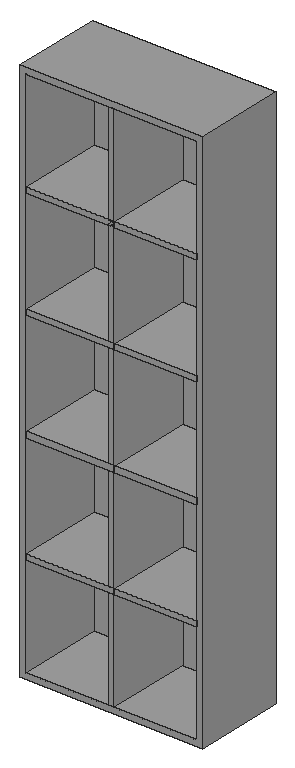
Revit family "Cubby_Scranton_5Tier", category Specialty Equipment, Revit 2026
Family settings
  Round Connector Dimension = Use Diameter
  Part Type = Normal
  Classification Number = 23.40.20.11.17
  Work Plane-Based = Yes
  Enable Cutting in Views = No
  Always vertical = Yes
  Cut with Voids When Loaded = No
  Maintain Annotation Orientation = No
  Shared = Yes
  Room Calculation Point = No
Parameters
  Warranty Duration (Years) = 0
  Units Wide [instance] = 2
  Unit Width = 1' - 0"
  Unit Height = 6' - 0"
  Unit Depth = 1' - 0"
  URL = "http://www.scrantonproducts.com/products/lockers/"
  Type Comments = "Custom sizes, color, and configurations available, please contact Scranton Products for more information"
  Tiers = 5
  Specification = "http://www.arcat.com/sdspecs/htm/10500spi.htm"
  SpecWizard = "http://www.arcat.com/specwizard/10500spi/index.htm?coid=45422&mf="
  Send Message = "http://www.arcat.com/users.pl?action=UserEmail&company=Scranton%20Products&coid=45422&rep=154&fax=800-551-6993&mf="
  Sales Information = "https://www.scrantonproducts.com/where-to-buy/"
  Revision = "R1_11-2010"
  Product Properties = "http://www.arcat.com/bim/bim_info.pl?fn=Scranton"
  Product Data = "http://www.arcat.com/arcatcos/cos45/arc45422.html"
  Overall Width [instance] = Unit Width * Units Wide  # 2' - 0"
  Model = "As Specified in 10 51 00"
  Manufacturer Website = "http://www.scrantonproducts.com/"
  Manufacturer Phone - Toll Free = "800-445-5148"
  Manufacturer Phone = "800-445-5148"
  Manufacturer Fax = "800-551-6993"
  Manufacturer Address = "801 E. Corey St., Scranton, PA 18507"
  Manufacturer = "Scranton Products"
  Maintenance Schedule (Months) = 0
  Keynote = "10 51 00"
  Installation-Fabrication = "https://www.dropbox.com/s/kh24odtz4t24c9s/Tufftec%20Lockers%20Installation%20Guide.pdf?dl=0"
  Installation Phase = ""
  Green Building-LEED = "http://www.arcat.com/green/clients/leed_data_45422.html"
  Expected Lifespan (Years) = 0
  Drawn By = "Sumex Design, Inc. / Robert S. Weygant, CSI, CDT, SCIP"
  Description = "Cubbies as Specified in 10 51 00"
  Default Elevation = 0' - 0"
  Copyright = "©Arcat Inc."
  Construction Details = "https://www.dropbox.com/s/5087wbg3fg35cl7/Tufftec%20Lockers%20Brochure.pdf?dl=0"
  Body Material = Plastic - HDPE - Scranton - Grey
  Assembly Code = "C1030310"
  3Wide [instance] = Units Wide = 3  # no
  2Wide [instance] = Units Wide = 2  # yes
Reference planes (in)
  plane 1 "Center (Front/Back)": y = -3.64371
  plane 2 "Bottom": z = 0
  plane 3 "Center (Left/Right)": x = 3.74042
  plane 4 "Front": y = -9.64371
  plane 5 "Back": y = 2.35629
  plane 6 "Left": x = -8.25958
  plane 7 "Right": x = 15.74042
  plane 8 "Top": z = 72
  plane 9: z = 28.8
  plane 10: z = 14.4
  plane 11: z = 43.2
  plane 12: x = -0.25958
  plane 13: x = 7.74042
  plane 14: z = 57.6
Forms (in)
  Extrusion 1, solid, material "Plastic - HDPE - Scranton - Grey" <- "Body Material"
    sketch origin (0, -9.64371, 0) x (-1, 0, 0) y (0, 0, 1)
      loop
        line (8.25958, 72) -> (-15.74042, 72) -> (-15.74042, 0) -> (8.25958, 0) -> (8.25958, 72)
      loop
        line (7.50958, 71.25) -> (-14.99042, 71.25) -> (-14.99042, 0.75) -> (7.50958, 0.75) -> (7.50958, 71.25)
    from 0 to 12
  Extrusion 2, solid, material "Plastic - HDPE - Scranton - Grey" <- "Body Material"
    sketch origin (0, 2.35629, 0) x (-1, 0, 0) y (0, 0, 1)
      loop
        line (7.50958, 71.25) -> (-14.99042, 71.25) -> (-14.99042, 0.75) -> (7.50958, 0.75) -> (7.50958, 71.25)
    from 0 to -0.75
  Extrusion 3, solid, material "Plastic - HDPE - Scranton - Grey" <- "Body Material", visible <- "3Wide"
    sketch origin (0, -9.64371, 0) x (-1, 0, 0) y (0, 0, 1)
      loop
        line (0.63458, 71.25) -> (-0.11542, 71.25) -> (-0.11542, 0.75) -> (0.63458, 0.75) -> (0.63458, 71.25)
    from 0 to 12
  Extrusion 4, solid, material "Plastic - HDPE - Scranton - Grey" <- "Body Material", visible <- "2Wide"
    sketch origin (8, -9.64371, 0) x (-1, 0, 0) y (0, 0, 1)
      loop
        line (4.63458, 71.25) -> (3.88458, 71.25) -> (3.88458, 0.75) -> (4.63458, 0.75) -> (4.63458, 71.25)
    from 0 to 12
  Extrusion 5, solid, material "Plastic - HDPE - Scranton - Grey" <- "Body Material", visible <- "3Wide"
    sketch origin (16, -9.64371, 0) x (-1, 0, 0) y (0, 0, 1)
      loop
        line (8.63458, 71.25) -> (7.88458, 71.25) -> (7.88458, 0.75) -> (8.63458, 0.75) -> (8.63458, 71.25)
    from 0 to 12
  Extrusion 6, solid, material "Plastic - HDPE - Scranton - Grey" <- "Body Material"
    sketch origin (0, -9.64371, 0) x (-1, 0, 0) y (0, 0, 1)
      loop
        line (7.50958, 43.575) -> (-14.99042, 43.575) -> (-14.99042, 42.825) -> (7.50958, 42.825) -> (7.50958, 43.575)
      loop
        line (7.50958, 14.775) -> (-14.99042, 14.775) -> (-14.99042, 14.025) -> (7.50958, 14.025) -> (7.50958, 14.775)
    from 0 to 11.25
  Extrusion 7, solid, material "Plastic - HDPE - Scranton - Grey" <- "Body Material"
    sketch origin (0, -9.64371, 0) x (-1, 0, 0) y (0, 0, 1)
      loop
        line (7.50958, 29.175) -> (-14.99042, 29.175) -> (-14.99042, 28.425) -> (7.50958, 28.425) -> (7.50958, 29.175)
    from 0 to 11.25
  Extrusion 8, solid, material "Plastic - HDPE - Scranton - Grey" <- "Body Material"
    sketch origin (0, -9.64371, 28.8) x (-1, 0, 0) y (0, 0, 1)
      loop
        line (7.50958, 29.175) -> (-14.99042, 29.175) -> (-14.99042, 28.425) -> (7.50958, 28.425) -> (7.50958, 29.175)
    from 0 to 11.25
Dimensions and locks (in)
  equal spacing: plane 6 "Left", plane 3 "Center (Left/Right)", plane 7 "Right"
  "Overall Width": plane 6 "Left" to plane 7 "Right"
  equal spacing: plane 5 "Back", plane 1 "Center (Front/Back)", plane 4 "Front"
  "Unit Depth": plane 5 "Back" to plane 4 "Front"
  "Unit Height": plane 8 "Top" to plane 2 "Bottom"
  equal spacing: plane 8 "Top", plane 14, plane 11, plane 9, plane 10, plane 2 "Bottom"
  equal spacing: plane 6 "Left", plane 12, plane 13, plane 7 "Right"
  locked: Extrusion 2 to Extrusion 2 at 0.75
  locked: Extrusion 3 sketch curve to Extrusion 3 sketch curve at 0.75
  equal spacing: Extrusion 3 sketch curve, plane 12, Extrusion 3 sketch curve
  locked: Extrusion 4 sketch curve to Extrusion 4 sketch curve at 0.75
  locked: Extrusion 5 sketch curve to Extrusion 5 sketch curve at 0.75
  equal spacing: Extrusion 4 sketch curve, plane 3 "Center (Left/Right)", Extrusion 4 sketch curve
  equal spacing: Extrusion 5 sketch curve, plane 13, Extrusion 5 sketch curve
  locked: Extrusion 6 sketch curve to Extrusion 6 sketch curve at 0.75  (x2)
  equal spacing: Extrusion 6 sketch curve, plane 11, Extrusion 6 sketch curve
  equal spacing: Extrusion 6 sketch curve, plane 10, Extrusion 6 sketch curve
  locked: Extrusion 7 sketch curve to Extrusion 7 sketch curve at 0.75
  equal spacing: Extrusion 7 sketch curve, plane 9, Extrusion 7 sketch curve
  locked: Extrusion 8 sketch curve to Extrusion 8 sketch curve at 0.75
  equal spacing: Extrusion 8 sketch curve, plane 14, Extrusion 8 sketch curve
  aligned and locked: plane 6 "Left" to Extrusion 1 sketch curve
  aligned and locked: plane 8 "Top" to Extrusion 1 sketch curve
  aligned and locked: level to Extrusion 1 sketch curve
  aligned and locked: plane 7 "Right" to Extrusion 1 sketch curve
  aligned and locked: Extrusion 1 to plane 4 "Front"
  aligned and locked: plane 5 "Back" to Extrusion 1
  aligned and locked: plane 5 "Back" to Extrusion 2
  aligned and locked: plane 5 "Back" to Extrusion 5
  aligned and locked: plane 5 "Back" to Extrusion 4
  aligned and locked: plane 5 "Back" to Extrusion 3
  aligned and locked: Extrusion 5 sketch curve to Extrusion 1  (x2)
  aligned and locked: Extrusion 4 sketch curve to Extrusion 1  (x2)
  aligned and locked: Extrusion 3 sketch curve to Extrusion 1  (x2)
  aligned and locked: Extrusion 6 sketch curve to Extrusion 1  (x2)
  aligned and locked: Extrusion 6 sketch curve to Extrusion 6 sketch curve  (x2)
  aligned and locked: Extrusion 7 sketch curve to Extrusion 1  (x2)
  aligned and locked: Extrusion 2 sketch curve to Extrusion 1  (x4)
  aligned and locked: Extrusion 1 to Extrusion 8 sketch curve  (x2)
  aligned and locked: Extrusion 8 to Extrusion 2
  aligned and locked: Extrusion 7 to Extrusion 2
  aligned and locked: Extrusion 6 to Extrusion 2
Automatic sketch dimensions
  Extrusion 1 sketch curve to plane 7 "Right" = 0' - 0 3/4"
  plane 6 "Left" to Extrusion 1 sketch curve = 0' - 0 3/4"
  level to Extrusion 1 sketch curve = 0' - 0 3/4"
  Extrusion 1 sketch curve to plane 8 "Top" = 0' - 0 3/4"
